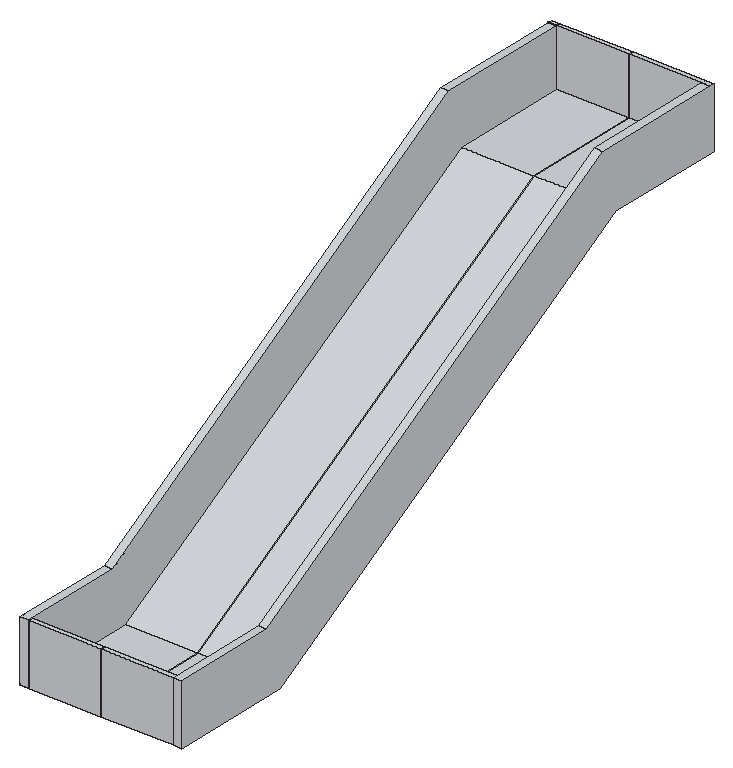
Revit family "Enclosure", category Generic Models, Revit 2024
Family settings
  Can host rebar = No
  Round Connector Dimension = Use Diameter
  Part Type = Normal
  Work Plane-Based = No
  Always vertical = Yes
  Cut with Voids When Loaded = No
  Maintain Annotation Orientation = No
  Shared = No
  Room Calculation Point = No
Parameters
  Upper Landing Horizontal = Upper Landing + Height of Enclosure * tan(Angle of Inclination / 2)  # 1700.962 mm
  Upper Landing = 1500 mm
  Transition Length = Rise / tan(Angle of Inclination)  # 5196.152 mm
  Thickness of Enclosure = 100 mm
  Rise = 3000 mm
  Perimeter Height = Height of Enclosure  # 750 mm
  Enclosure Perimeter = 50 mm
  Lower Landing Horizontal = Lower Landing - Height of Enclosure * tan(Angle of Inclination / 2)  # 1299.038 mm
  Lower Landing = 1500 mm
  Height of Enclosure = 750 mm
  Enclosure Half Width = 1000 mm
  Default Elevation = 0 mm
  Angle of Inclination = 30.00°
Reference planes
  plane 1 "Center (Front/Back)": y = 0
  plane 2: z = 0
  plane 3 "Center (Left/Right)": x = 0
  plane 4: y = 5196.152
  plane 5: z = 3000
  plane 6: y = -1500
  plane 7: y = 6696.152
  plane 8: z = 750
  plane 9: z = 3750
  plane 10: x = 100
  plane 11: x = 1000
  plane 12: y = -1500
  plane 13: y = 6696.152
  plane 14: z = 750
  plane 15: z = 3750
  plane 16: x = 1000
  plane 17: x = 1000
Forms (mm)
  Extrusion 1, solid
    sketch origin (0, 0, 0) x (0, 1, 0) y (0, 0, 1)
      loop
        line (-1500, 0) -> (0, 0) -> (5196.152, 3000) -> (6696.152, 3000) -> (6696.152, 3750) -> (4995.191, 3750) -> (-200.962, 750) -> (-1500, 750) -> (-1500, 0)
    from 0 to 100
  Extrusion 2, solid
    sketch origin (0, 0, 0) x (0, 1, 0) y (0, 0, 1)
      loop
        line (-1500, 750) -> (-1500, 0) -> (0, 0) -> (5196.152, 3000) -> (6696.152, 3000) -> (6696.152, 3750) -> (6646.152, 3750) -> (6646.152, 3050) -> (5182.755, 3050) -> (-13.397, 50) -> (-1450, 50) -> (-1450, 750) -> (-1500, 750)
    from 0 to 1000
  Extrusion 3, solid
    sketch origin (2000, 0, 0) x (0, 1, 0) y (0, 0, -1)
      loop
        line (-1500, 0) -> (-1500, -750) -> (-200.962, -750) -> (4995.191, -3750) -> (6696.152, -3750) -> (6696.152, -3000) -> (5196.152, -3000) -> (0, 0) -> (-1500, 0)
    from 0 to 100
  Extrusion 4, solid
    sketch origin (2000, 0, 0) x (0, 1, 0) y (0, 0, -1)
      loop
        line (-1500, -750) -> (-1450, -750) -> (-1450, -50) -> (-13.397, -50) -> (5182.755, -3050) -> (6646.152, -3050) -> (6646.152, -3750) -> (6696.152, -3750) -> (6696.152, -3000) -> (5196.152, -3000) -> (0, 0) -> (-1500, 0) -> (-1500, -750)
    from 0 to 1000
Dimensions and locks
  "Rise": plane 5 to level
  "Transition Length": plane 1 "Center (Front/Back)" to plane 4
  "Lower Landing": plane 6 to plane 1 "Center (Front/Back)"
  "Upper Landing": plane 4 to plane 7
  "Height of Enclosure": plane 8 to level
  "Height of Enclosure": plane 5 to plane 9
  "Lower Landing Horizontal": Extrusion 1 sketch curve to Extrusion 1 sketch curve
  "Upper Landing Horizontal": Extrusion 1 sketch curve to Extrusion 1 sketch curve
  "Thickness of Enclosure": plane 10 to plane 3 "Center (Left/Right)"
  "Enclosure Perimeter": Extrusion 1 to Extrusion 2 sketch curve  (x4)
  "Enclosure Perimeter": Extrusion 2 sketch curve to Extrusion 1
  "Enclosure Half Width": plane 11 to plane 3 "Center (Left/Right)"
  "Perimeter Height": Extrusion 1 to Extrusion 2 sketch curve  (x2)
  "Lower Landing Horizontal": Extrusion 3 sketch curve to Extrusion 3 sketch curve
  "Upper Landing Horizontal": Extrusion 3 sketch curve to Extrusion 3 sketch curve
  "Angle of Inclination": angle level to Extrusion 1 sketch curve
  aligned and locked: level to plane 2
  aligned and locked: plane 6 to Extrusion 1 sketch curve
  aligned and locked: plane 7 to Extrusion 1 sketch curve
  aligned and locked: plane 10 to Extrusion 1
  aligned and locked: plane 11 to Extrusion 2
  aligned and locked: plane 12 to Extrusion 3 sketch curve
  aligned and locked: Extrusion 3 sketch curve to plane 13
Automatic sketch dimensions
  Extrusion 1 sketch curve to level = 0 mm
  Extrusion 1 sketch curve to plane 1 "Center (Front/Back)" = 0 mm
  Extrusion 1 sketch curve to plane 4 = 0 mm
  Extrusion 1 sketch curve to plane 8 = 0 mm
  plane 9 to Extrusion 1 sketch curve = 0 mm
  Extrusion 2 sketch curve to level = 0 mm
  Extrusion 2 sketch curve to plane 1 "Center (Front/Back)" = 0 mm
  Extrusion 2 sketch curve to plane 4 = 0 mm
  plane 5 to Extrusion 2 sketch curve = 0 mm
  Extrusion 2 sketch curve to Extrusion 2 sketch curve = 50 mm  (x2)
  Extrusion 3 sketch curve to level = 0 mm
  Extrusion 3 sketch curve to plane 1 "Center (Front/Back)" = 0 mm
  Extrusion 3 sketch curve to plane 4 = 0 mm
  plane 15 to Extrusion 3 sketch curve = 0 mm
  Extrusion 3 sketch curve to plane 5 = 0 mm
  Extrusion 3 sketch curve to plane 14 = 0 mm
  Extrusion 4 sketch curve to level = 0 mm
  Extrusion 4 sketch curve to plane 1 "Center (Front/Back)" = 0 mm
  Extrusion 4 sketch curve to plane 4 = 0 mm
  Extrusion 4 sketch curve to plane 5 = 0 mm
  plane 1 "Center (Front/Back)" to Extrusion 4 sketch curve = 13.397 mm
  plane 1 "Center (Front/Back)" to Extrusion 4 sketch curve = 1450 mm
  Extrusion 4 sketch curve to Extrusion 4 sketch curve = 50 mm  (x2)
  Extrusion 4 sketch curve to plane 4 = 13.397 mm
  plane 5 to Extrusion 4 sketch curve = 50 mm
  plane 4 to Extrusion 4 sketch curve = 1450 mm
  Extrusion 4 sketch curve to Extrusion 4 sketch curve = 700 mm
  level to Extrusion 4 sketch curve = 750 mm
  level to Extrusion 4 sketch curve = 50 mm
